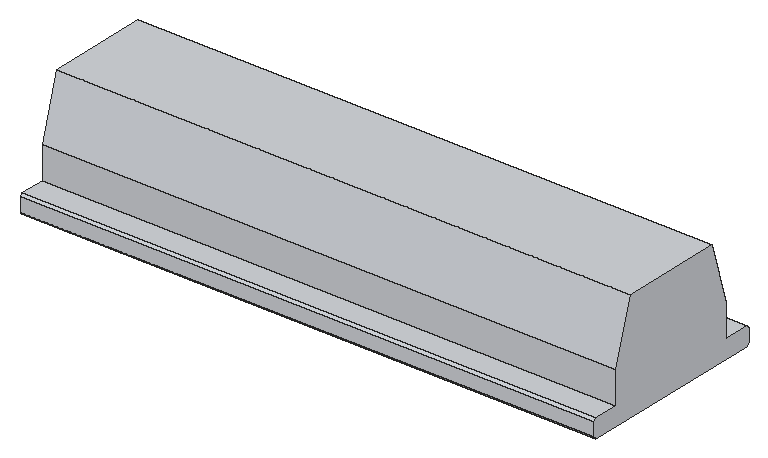
Revit family "LB_Precast-Console Beam_Spæncom", category Structural Framing, Revit 2014
Parameters (values of type "LB 84/40")
  Structural Material [instance] = none
  Model = "LB 84/40"
  Middle top beam [instance] = Width beam top / 2  # 220 mm
  Middle beam [instance] = Width element / 2  # 420 mm
  Manufacturer = "Spæncom"
  Length [instance] = 3000 mm
  Width console = 120 mm  # constant formula
  Height (bjælkekroppen) = 140 mm  # constant formula
  Console thickness = 80 mm  # constant formula
  Height element = 480 mm
  Width element = 840 mm
  Width beam top = 440 mm
Types (9, lengths in mm): name | Model | Middle top beam | Middle beam | Height element | Width element | Width beam top
  (no name) | "LB 84/40" | 220 | 420 | 480 | 840 | 440
  LB 66/22 | "LB 66/22" | 185 | 330 | 300 | 660 | 370
  LB 66/27 | "LB 66/27" | 170 | 330 | 350 | 660 | 340
  LB 66/32 | "LB 66/32" | 155 | 330 | 400 | 660 | 310
  LB 66/40 | "LB 66/40" | 130 | 330 | 480 | 660 | 260
  LB 84/22 | "LB 84/22" | 275 | 420 | 300 | 840 | 550
  LB 84/27 | "LB 84/27" | 260 | 420 | 350 | 840 | 520
  LB 84/32 | "LB 84/32" | 245 | 420 | 400 | 840 | 490
  LB 84/40 | "LB 84/40" | 220 | 420 | 480 | 840 | 440
Reference planes
  plane 1 "Center (Front/Back)": y = 0
  plane 2 "Center Elevation": z = 0
  plane 3 "Center (Left/Right)": x = 0
  plane 4 "Left": x = -1500
  plane 5 "Member Left": x = -1250
  plane 6 "Stick Symbol Left": x = -1000
  plane 7 "Right": x = 1500
  plane 8 "Member Right": x = 1250
  plane 9 "Stick Symbol Right": x = 1000
  plane 10: z = 80
Forms (mm)
  Extrusion 1, solid, material <- "Structural Material"
    sketch origin (0, 0, 0) x (0, 1, 0) y (0, 0, 1)
      loop
        line (-220, 480) -> (-300, 220) -> (-300, 80) -> (-410, 80) -> (-420, 70) -> (-420, 10) -> (-410, 0) -> (410, 0) -> (420, 10) -> (420, 70) -> (410, 80) -> (300, 80) -> (300, 220) -> (220, 480) -> (-220, 480)
    from -1250 to 1250
Dimensions and locks
  equal spacing: plane 4 "Left", plane 3 "Center (Left/Right)", plane 7 "Right"
  "Length": plane 4 "Left" to plane 7 "Right"
  "Height (bjælkekroppen)": Extrusion 1 sketch curve to Extrusion 1 sketch curve  (x2)
  "Height element": Extrusion 1 sketch curve to plane 2 "Center Elevation"
  "Width element": Extrusion 1 sketch curve to Extrusion 1 sketch curve
  "Console thickness": plane 10 to level
  "Width console": Extrusion 1 sketch curve to Extrusion 1 sketch curve  (x2)
  "Width beam top": Extrusion 1 sketch curve to Extrusion 1 sketch curve
  "Middle top beam": plane 1 "Center (Front/Back)" to Extrusion 1 sketch curve
  "Middle beam": plane 1 "Center (Front/Back)" to Extrusion 1 sketch curve
  Extrusion 1 to Extrusion 1 = 840 mm
  Extrusion 1 to Extrusion 1 = 80 mm
  Extrusion 1 to Extrusion 1 = 140 mm
  Extrusion 1 to Extrusion 1 = 480 mm
  Extrusion 1 to Extrusion 1 = 260 mm
  Extrusion 1 to Extrusion 1 to Extrusion 1 to Extrusion 1 to Extrusion 1 to Extrusion 1 = 120 mm, 80 mm, 440 mm, 80 mm, 120 mm
  Extrusion 1 to Extrusion 1 = 400 mm
  aligned and locked: level to plane 2 "Center Elevation"
  aligned and locked: Extrusion 1 to plane 8 "Member Right"
  aligned and locked: plane 5 "Member Left" to Extrusion 1
  aligned and locked: Extrusion 1 sketch curve to Extrusion 1 sketch curve
  aligned and locked: plane 10 to Extrusion 1 sketch curve
Automatic sketch dimensions
  level to Extrusion 1 sketch curve = 10 mm  (x2)
  Extrusion 1 sketch curve to Extrusion 1 sketch curve = 10 mm  (x4)
  Extrusion 1 sketch curve to plane 10 = 10 mm  (x2)
  Extrusion 1 sketch curve to level = 0 mm
